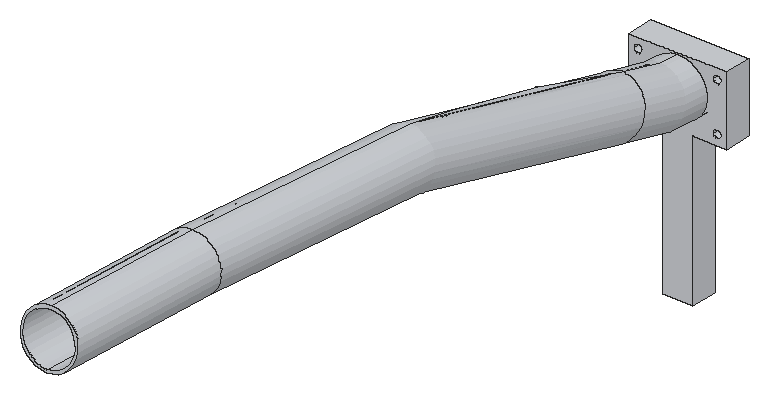
Revit family "Lighting-Stradale-GEWISS-STREET[O3]-STAFFA_LUNGA", category Apparecchi per illuminazione, Revit 2019
Family settings
  Quota connettore circolare = Usa diametro
  Tipo di parte = Normale
  Numero OmniClass = 23.80.00.00
  Titolo OmniClass = Electric Power and Lighting
  Basato su piano di lavoro = Sì
  Sempre verticale = Sì
  Taglio con vuoti quando caricato = No
  Sorgente d'illuminazione = No
  Condiviso = No
  Punto di calcolo locali = No
Parameters (values of type "GW87586 - Acciaio zincato - Grigio grafite - 1m")
  Versione file RFA = "20.11"
  URL = "https://www.gewiss.com/it/it"
  Tubolare = none
  Supporti = none
  Scheda Tecnica = "https://www.gewiss.com/it/it/search?q=GW87586"
  SIMBOLO [instance] = yes
  SEO = "Staffa"
  Default Elevation = 1219.2 mm
  Produttore = "GEWISS S.p.A."
  Peso (kg): = "6"
  Peso (kg) = "6"
  Modello = "GW87586"
  Materiale = "Acciaio zincato"
  Lunghezza = "1 m"
  L_staffa = 120 mm
  Immagine tipo = GW87586.jpg
  IFC.TypeObject = ""
  IFC.ExportType = ""
  IFC.ExportAs = ""
  IDT = "ddb96704-8151-42be-b6b2-ac9eadc1617f"
  IDF = "94cf9e37-c19c-468c-abde-c8e3c61c8187"
  Descrizione: = "Staffa lunga"
  Descrizione = "STREET STAFFA LUNGA 1m GRIGIO GRAFITE"
  Creato da GEWISS S.p.A. = ""
  Colore = "Grigio grafite"
  Codice Electrocod = "240"
  Codice EAN = "8011564783058"
  Catalogo Serie = "STREET [O3]"
  Catalogo = "LIGHTING"
  COBie.Tagnumber = ""
  COBie.CreatedOn = ""
  COBie.CreatebBy = ""
  COBie.ComponentRegisterItemID = ""
  COBie.Component.TagNumber = ""
  COBie.Component.Space = ""
  COBie.Component.SerialNumber = ""
  COBie.Component.InstallationDate = ""
  COBie.Component.Description = ""
  COBie.Component.BarCode = ""
  BIDIMENSIONALE [instance] = not(SIMBOLO)  # no
  Altezza da terra testa staffa = 821.938 mm
Reference planes
  plane 1 "Centro (Fronte/Retro)": y = 0
  plane 2: z = 0
  plane 3 "Centro (Sinistra/Destra)": x = 0
  plane 4: x = -60
  plane 5: x = 60
  plane 6: y = 33
  plane 7: x = -5
  plane 8: x = 5
  plane 9: x = -18.616
  plane 10: x = 18.616
  plane 11: z = 259.222
  plane 12: z = 199.222
Forms (mm)
  Extrusion 1, solid, material <- "Supporti"
    sketch origin (0, 0, -550.016) x (1, 0, 0) y (0, 0, -1)
      loop
        line (-60, -821.938) -> (60, -821.938) -> (60, -736.538) -> (-60, -736.538) -> (-60, -821.938)
      loop
        circle (-48.625, -809.238) r 4.92
      loop
        circle (48.625, -809.238) r 4.92
      loop
        circle (-48.625, -749.238) r 4.92
      loop
        circle (48.625, -749.238) r 4.92
    from 0 to -33
  Sweep 2, solid, material <- "Tubolare"
    path origin (0, 0, -550.016) x (0, -1, 0) y (0, 0, 1)
      loop
        arc (998.259, 930.303) -> (888.382, 922.193) -> (778.259, 918.773) r 2584.737
        arc (778.259, 918.773) -> (449.437, 888.351) -> (130.083, 804.314) r 2003
        arc (130.083, 804.314) -> (65.992, 787.519) -> (0, 781.616) r 397
    profile origin (0, -449.437, 338.335) x (0, 0.173895, 0.984764) y (1, 0, 0)
      loop
        circle (0, 0) r 35.5
      loop
        circle (0, 0) r 32
  Extrusion 3, solid, material <- "Supporti"
    sketch origin (0, 0, -550.016) x (0, -1, 0) y (0, 0, -1)
      loop
        line (33, -821.938) -> (33, -549.619) -> (0, -549.619) -> (0, -821.938) -> (33, -821.938)
    from -18.616 to 18.616
Cuts and joins
  joined: Extrusion 1, Extrusion 3
Lines and regions (mm)
  Masking region 1, visible <- "BIDIMENSIONALE"
    outline origin (0, -33, 0) x (1, 0, 0) y (0, 1, 0)
      loop
        line (60, 0) -> (60, 33) -> (-60, 33) -> (-60, 0) -> (60, 0)
  Masking region 2, visible <- "BIDIMENSIONALE"
    outline origin (-0.5, 0, 0) x (-1, 0, 0) y (0, -1, 0)
      loop
        spline (35.5, 996.213) -> (35.196, 996.92) -> (34.29, 997.614) -> (32.798, 998.285) -> (30.744, 998.92) -> (28.164, 999.508) -> (25.102, 1000.041) -> (21.611, 1000.507) -> (17.75, 1000.901) -> (13.585, 1001.214) -> (9.188, 1001.442) -> (4.634, 1001.58) -> (0, 1001.626)
        spline (0, 1001.626) -> (-4.634, 1001.58) -> (-9.188, 1001.442) -> (-13.585, 1001.214) -> (-17.75, 1000.901) -> (-21.611, 1000.507) -> (-25.102, 1000.041) -> (-28.164, 999.508) -> (-30.744, 998.92) -> (-32.798, 998.285) -> (-34.29, 997.614) -> (-35.196, 996.92) -> (-35.5, 996.213)
        line (-35.5, 996.213) -> (-35.5, 33) -> (35.5, 33) -> (35.5, 996.213)
  Masking region 3
    outline origin (0, 0, -519.619) x (1, 0, 0) y (0, 0, 1)
      loop
        line (-60, 791.938) -> (-60, 706.538) -> (60, 706.538) -> (60, 791.938) -> (-60, 791.938)
      loop
        circle (-48.625, 779.238) r 4.92
      loop
        circle (48.625, 779.238) r 4.92
      loop
        circle (48.625, 719.238) r 4.92
      loop
        circle (-48.625, 719.238) r 4.92
  Masking region 4
    outline origin (0, 0, -519.619) x (1, 0, 0) y (0, 0, 1)
      loop
        line (-18.616, 519.619) -> (18.616, 519.619) -> (18.616, 706.538) -> (-18.616, 706.538) -> (-18.616, 519.619)
      loop
        line (-35.5, 900.558) -> (-35.5, 751.616)
        spline (-35.5, 751.616) -> (-35.196, 746.982) -> (-34.29, 742.428) -> (-32.798, 738.031) -> (-30.744, 733.866) -> (-28.164, 730.005) -> (-25.102, 726.514) -> (-21.611, 723.453) -> (-17.75, 720.873) -> (-13.585, 718.819) -> (-9.188, 717.326) -> (-4.634, 716.42) -> (0, 716.117)
        spline (0, 716.117) -> (4.634, 716.42) -> (9.188, 717.326) -> (13.585, 718.819) -> (17.75, 720.873) -> (21.611, 723.453) -> (25.102, 726.514) -> (28.164, 730.005) -> (30.744, 733.866) -> (32.798, 738.031) -> (34.29, 742.428) -> (35.196, 746.982) -> (35.5, 751.616)
        line (35.5, 751.616) -> (35.5, 900.558)
        spline (35.5, 900.558) -> (35.196, 905.137) -> (34.29, 909.639) -> (32.798, 913.984) -> (30.744, 918.1) -> (28.164, 921.916) -> (25.102, 925.367) -> (21.611, 928.393) -> (17.75, 930.942) -> (13.585, 932.972) -> (9.188, 934.447) -> (4.634, 935.343) -> (0, 935.643)
        spline (0, 935.643) -> (-4.634, 935.343) -> (-9.188, 934.447) -> (-13.585, 932.972) -> (-17.75, 930.942) -> (-21.611, 928.393) -> (-25.102, 925.367) -> (-28.164, 921.916) -> (-30.744, 918.1) -> (-32.798, 913.984) -> (-34.29, 909.639) -> (-35.196, 905.137) -> (-35.5, 900.558)
  Masking region 5
    outline origin (0, 0, -550.016) x (0, -1, 0) y (0, 0, -1)
      loop
        line (0, -821.938) -> (33, -821.938) -> (33, -817.163)
        arc (33, -817.163) -> (137.999, -844.76) -> (241.886, -876.284) r 2886.698
        arc (241.886, -876.284) -> (462.072, -926.375) -> (686.277, -953.276) r 2166.689
        arc (686.277, -953.276) -> (840.733, -955.766) -> (994.892, -965.659) r 3220.652
        line (994.892, -965.659) -> (1001.626, -894.979)
        arc (1001.626, -894.979) -> (843.825, -884.834) -> (685.718, -882.28) r 3291.651
        arc (685.718, -882.28) -> (591.557, -872.834) -> (497.75, -860.362) r 2938.525
        arc (497.75, -860.362) -> (353.712, -832.991) -> (212.282, -794.341) r 1856.629
        line (212.282, -794.341) -> (213.979, -790.415)
        arc (213.979, -790.415) -> (92.225, -693.998) -> (35, -549.619) r 300
        line (35, -549.619) -> (28, -549.619) -> (28, -736.538) -> (0, -736.538) -> (0, -821.938)
Dimensions and locks
  equal spacing: plane 4, plane 3 "Centro (Sinistra/Destra)", plane 5
  "L_staffa": plane 4 to plane 5
  plane 1 "Centro (Fronte/Retro)" to plane 6 = 33 mm
  equal spacing: plane 8, plane 3 "Centro (Sinistra/Destra)", plane 7
  equal spacing: plane 10, plane 3 "Centro (Sinistra/Destra)", plane 9
  Extrusion 1 sketch curve to Extrusion 1 sketch curve = 60 mm
  locked: Extrusion 1 sketch curve to Extrusion 1 sketch curve at 11.375
  aligned and locked: level to plane 2
  aligned and locked: Extrusion 1 sketch curve to plane 11
  aligned and locked: Extrusion 1 sketch curve to plane 12
  aligned and locked: plane 12 to Extrusion 1 sketch curve
  aligned and locked: Extrusion 1 to Extrusion 3
Automatic sketch dimensions
  plane 1 "Centro (Fronte/Retro)" to Masking region 1 sketch curve = 33 mm
  plane 4 to Masking region 1 sketch curve = 0 mm
  plane 5 to Masking region 1 sketch curve = 0 mm
  Masking region 1 sketch curve to plane 6 = 33 mm
  Masking region 3 sketch curve to Masking region 3 sketch curve = 0 mm  (x8)
  plane 4 to Masking region 3 sketch curve = 0 mm
  plane 5 to Masking region 3 sketch curve = 0 mm
  Masking region 3 sketch curve to plane 4 = 11.375 mm  (x2)
  plane 5 to Masking region 3 sketch curve = 11.375 mm  (x2)
  level to Masking region 3 sketch curve = 186.919 mm
  Masking region 3 sketch curve to Masking region 3 sketch curve = 12.7 mm  (x3)
  Masking region 3 sketch curve to Masking region 3 sketch curve = 60 mm  (x2)
  Masking region 3 sketch curve to Masking region 3 sketch curve = 4.92 mm  (x4)
  Masking region 4 sketch curve to plane 9 = 0 mm
  Masking region 4 sketch curve to plane 3 "Centro (Sinistra/Destra)" = 0 mm  (x2)
  Masking region 4 sketch curve to plane 10 = 0 mm
  Masking region 4 sketch curve to plane 9 = 16.884 mm
  Masking region 4 sketch curve to Masking region 4 sketch curve = 0 mm  (x3)
  level to Masking region 4 sketch curve = 0 mm
  Masking region 4 sketch curve to Masking region 4 sketch curve = 186.919 mm
  Masking region 4 sketch curve to Masking region 4 sketch curve = 45.078 mm
  Masking region 4 sketch curve to Masking region 4 sketch curve = 148.942 mm
  Masking region 4 sketch curve to Masking region 4 sketch curve = 9.579 mm
  Masking region 4 sketch curve to Masking region 4 sketch curve = 35.085 mm
  Extrusion 1 sketch curve to plane 4 = 0 mm
  Extrusion 1 sketch curve to plane 5 = 0 mm
  Extrusion 1 sketch curve to plane 4 = 11.375 mm  (x2)
  plane 5 to Extrusion 1 sketch curve = 11.375 mm
  plane 11 to Extrusion 1 sketch curve = 12.7 mm
  plane 12 to Extrusion 1 sketch curve = 12.7 mm
  Sweep 2 sketch curve to plane 1 "Centro (Fronte/Retro)" = 0 mm
  plane 1 "Centro (Fronte/Retro)" to Sweep 2 sketch curve = 2.25 mm
  Sweep 2 sketch curve to plane 1 "Centro (Fronte/Retro)" = 753.107 mm
  Sweep 2 sketch curve to plane 1 "Centro (Fronte/Retro)" = 797.75 mm
  level to Sweep 2 sketch curve = 1634.148 mm
  Sweep 2 sketch curve to level = 628.594 mm
  Sweep 2 sketch curve to Sweep 2 sketch curve = 2324.778 mm
  Sweep 2 sketch curve to plane 1 "Centro (Fronte/Retro)" = 130.083 mm
  Sweep 2 sketch curve to Sweep 2 sketch curve = 0 mm  (x4)
  Sweep 2 sketch curve to level = 368.757 mm
  Sweep 2 sketch curve to Sweep 2 sketch curve = 220 mm
  Sweep 2 sketch curve to Sweep 2 sketch curve = 22.698 mm
  Sweep 2 sketch curve to plane 3 "Centro (Sinistra/Destra)" = 0 mm
  Sweep 2 sketch curve to profile plane = 0 mm
  level to Extrusion 3 sketch curve = 0.397 mm
  Extrusion 3 sketch curve to plane 1 "Centro (Fronte/Retro)" = 0 mm
  Extrusion 3 sketch curve to Extrusion 3 sketch curve = 33 mm
  Extrusion 3 sketch curve to level = 271.922 mm
  Masking region 5 sketch curve to Masking region 5 sketch curve = 0 mm  (x3)
  Masking region 5 sketch curve to plane 1 "Centro (Fronte/Retro)" = 0 mm
  plane 6 to Masking region 5 sketch curve = 615.144 mm
  Masking region 5 sketch curve to level = 0.397 mm
  plane 1 "Centro (Fronte/Retro)" to Masking region 5 sketch curve = 28 mm
  Masking region 5 sketch curve to Masking region 5 sketch curve = 33 mm
  Masking region 5 sketch curve to Masking region 5 sketch curve = 7 mm
  Masking region 5 sketch curve to Masking region 5 sketch curve = 179.282 mm
  Masking region 5 sketch curve to Masking region 5 sketch curve = 1.697 mm
  Masking region 5 sketch curve to level = 34.98 mm
  Masking region 5 sketch curve to Masking region 5 sketch curve = 298 mm
  plane 1 "Centro (Fronte/Retro)" to Masking region 5 sketch curve = 711.614 mm
  plane 1 "Centro (Fronte/Retro)" to Masking region 5 sketch curve = 772.058 mm
  Masking region 5 sketch curve to Masking region 5 sketch curve = 59.889 mm
  Masking region 5 sketch curve to Masking region 5 sketch curve = 99.956 mm
  level to Masking region 5 sketch curve = 415.643 mm
  Masking region 5 sketch curve to Masking region 5 sketch curve = 780.913 mm
  level to Masking region 5 sketch curve = 344.963 mm
  Masking region 5 sketch curve to Masking region 5 sketch curve = 6.734 mm
  Masking region 5 sketch curve to Masking region 5 sketch curve = 2831.934 mm
  Masking region 5 sketch curve to Masking region 5 sketch curve = 551.48 mm
  Masking region 5 sketch curve to Masking region 5 sketch curve = 31.523 mm
  Masking region 5 sketch curve to Masking region 5 sketch curve = 4.775 mm
  Masking region 5 sketch curve to Masking region 5 sketch curve = 3.926 mm
  Masking region 5 sketch curve to Masking region 5 sketch curve = 85.4 mm
  Masking region 5 sketch curve to level = 1525.907 mm
  Masking region 5 sketch curve to Masking region 5 sketch curve = 232.619 mm
  Masking region 5 sketch curve to Masking region 5 sketch curve = 837.404 mm
  Masking region 5 sketch curve to Masking region 5 sketch curve = 29.604 mm
  Masking region 2 sketch curve to plane 3 "Centro (Sinistra/Destra)" = 0.5 mm
  Masking region 2 sketch curve to plane 6 = 1034.626 mm
  plane 10 to Masking region 2 sketch curve = 16.384 mm
  Masking region 2 sketch curve to plane 9 = 17.384 mm
  Masking region 2 sketch curve to plane 6 = 1029.213 mm
  Masking region 2 sketch curve to Masking region 2 sketch curve = 0 mm
  Masking region 2 sketch curve to Masking region 2 sketch curve = 963.213 mm
  radius of Extrusion 1 sketch curve = 4.92 mm  (x4)
  radius of Sweep 2 sketch curve = 35.5 mm
  radius of Sweep 2 sketch curve = 32 mm
Nested families
  nested 1: "ACCPALO" at (0, 33, 0), visible <- "SIMBOLO", type "ACCPALO"
Definition of nested family "ACCPALO"
  Reference planes
    plane 1 "Centro (Fronte/Retro)": y = 0
    plane 2: z = 0
    plane 3 "Centro (Sinistra/Destra)": x = 0
  Lines and regions (mm)
    detail lines, in view "Livello rif."
      curve 1: spline (-17.247, 26.335, 0) -> (-16.659, 25.345, 0) -> (-14.936, 24.424, 0) -> (-12.195, 23.632, 0) -> (-8.623, 23.025, 0) -> (-4.464, 22.643, 0) -> (0, 22.513, 0) -> (4.464, 22.643, 0) -> (8.623, 23.025, 0) -> (12.195, 23.632, 0) -> (14.936, 24.424, 0) -> (16.659, 25.345, 0) -> (17.247, 26.335, 0) -> (16.659, 27.324, 0) -> (14.936, 28.245, 0) -> (12.195, 29.037, 0) -> (8.623, 29.644, 0) -> (4.464, 30.026, 0) -> (0, 30.156, 0) -> (-4.464, 30.026, 0) -> (-8.623, 29.644, 0) -> (-12.195, 29.037, 0) -> (-14.936, 28.245, 0) -> (-16.659, 27.324, 0) -> (-17.247, 26.335, 0)
      curve 2: spline (-17.266, -26.469, 0) -> (-14.61, -27.838, 0) -> (-11.877, -28.965, 0) -> (-9.078, -29.846, 0) -> (-6.224, -30.478, 0) -> (-3.325, -30.859, 0) -> (-0.393, -30.986, 0) -> (2.562, -30.86, 0) -> (5.527, -30.481, 0) -> (8.491, -29.85, 0) -> (11.443, -28.969, 0) -> (14.372, -27.843, 0) -> (17.266, -26.475, 0)
      curve 3: line (-85.401, -52.093, 0) -> (85.401, -52.093, 0)
      curve 4: line (85.401, -52.093, 0) -> (85.401, 52.093, 0)
      curve 5: line (85.401, 52.093, 0) -> (-85.401, 52.093, 0)
      curve 6: line (-85.401, 52.093, 0) -> (-85.401, -52.093, 0)
      curve 7: line (-17.266, -26.469, 0) -> (-17.266, 26.335, 0)
      curve 8: line (17.266, -26.475, 0) -> (17.266, 26.335, 0)
